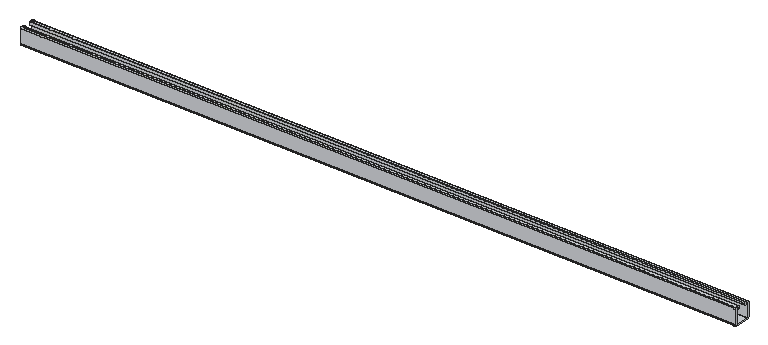
Revit family "Montageschiene 45- 45-1,5  2m fbv Langloch 2D", category HLS-Bauteile, Revit 2023
Family settings
  Bemaßung runder Anschluss = Durchmesser verwenden
  Teiletyp = Normal
  Arbeitsebenenbasiert = Ja
  Immer vertikal = Nein
  Beim Laden mit Abzugskörper schneiden = Nein
  Beschriftungsausrichtung beibehalten = Nein
  Gemeinsam genutzt = Ja
  Raumberechnungspunkt = Nein
Parameters (values of type "C-Profil 45- 45-1,5  L=2000 fbv")
  vpe = "10"
  Widerstandsmoment Wz = "3.71 cm³"
  Widerstandsmoment Wy = "2.71 cm³"
  Default Elevation = 1219.2 mm
  Trägheitsradius iz = "1.91 cm"
  Trägheitsradius iy = "1.64 cm"
  Torsionswiderstandsmoment Wt = " cm³"
  Stärke = 1.5 mm
  Streckgrenze = "250 N/mm²"
  Schwerpunktabstand ez = "2.25 cm"
  Schwerpunktabstand eu = "2.27 cm"
  Schwerpunktabstand eo = "2.23 cm"
  Schlitzbreite = "22 mm"
  Regelhalter [instance] = ""
  Profiltyp = "45/45"
  Profil = "C-Profil"
  Oberflaeche = "feuerbandverzinkt"
  Montagelänge [instance] = 2000 mm
  Mengeneinheit = "m"
  Materialname = "S250"
  Material = "Stahl"
  Länge = 2000 mm
  Lochdurchmesser = "14.00 mm"
  Langloch = "14.0 x 45.0 mm"
  Kurztext2 = "45 / 45 / 1,5 mm L= 2 m fbv"
  Kurztext1 = "Montageschiene C-Profil"
  Höhe = "45 mm"
  Gewicht pro Stück [instance] = (Gewicht * Montagelänge / (1000 mm * 1000 mm)) * 1000 mm  # 3.78 kg
  Gewicht pro Bauteil [instance] = Gewicht pro Stück  # 3.78 kg
  Gewicht = 1.89 kg
  Gesamtlänge [instance] = Montagelänge  # 2000 mm
  Gesamtgewicht [instance] = Gewicht pro Bauteil  # 3.78 kg
  Fläche (schwächster Profilquerschnitt) = 0.000229 m²
  Firma = "MEFA Befestigungs- und Montagesysteme GmbH"
  Fabrikat = "MEFA"
  Erweiterung Langloch = " mm"
  EAN = "4250928448033"
  Bund = "120 m"
  Breite = 45 mm
  Artikelnummer = "082045215"
  Anzahl Langloch [instance] = Montagelänge / 105 mm  # 19
  Abmessung = "45/45/1.5 mm"
Reference planes
  plane 1 "Mitte (Vorne/hinten)": y = 0
  plane 2: z = 0
  plane 3 "Mitte (Links/rechts)": x = 0
  plane 4: x = 2000
Forms (mm)
  Extrusion 1, solid, detail levels fine
    sketch origin (0, 0, 0) x (0, 1, 0) y (0, 0, 1)
      loop
        arc (19, 0) -> (20.768, 0.732) -> (21.5, 2.5) r 2.5
        line (21.5, 2.5) -> (21.5, 42)
        arc (21.5, 42) -> (20.621, 44.121) -> (18.5, 45) r 3
        line (18.5, 45) -> (12, 45)
        arc (12, 45) -> (11.293, 44.707) -> (11, 44) r 1
        line (11, 44) -> (11, 37.5) -> (12.5, 37.5) -> (12.5, 43.5) -> (18.5, 43.5)
        arc (18.5, 43.5) -> (19.561, 43.061) -> (20, 42) r 1.5
        line (20, 42) -> (20, 2.5)
        arc (20, 2.5) -> (19.707, 1.793) -> (19, 1.5) r 1
        line (19, 1.5) -> (-19, 1.5)
        arc (-19, 1.5) -> (-19.707, 1.793) -> (-20, 2.5) r 1
        line (-20, 2.5) -> (-20, 42)
        arc (-20, 42) -> (-19.561, 43.061) -> (-18.5, 43.5) r 1.5
        line (-18.5, 43.5) -> (-12.5, 43.5) -> (-12.5, 37.5) -> (-11, 37.5) -> (-11, 44)
        arc (-11, 44) -> (-11.293, 44.707) -> (-12, 45) r 1
        line (-12, 45) -> (-18.5, 45)
        arc (-18.5, 45) -> (-20.621, 44.121) -> (-21.5, 42) r 3
        line (-21.5, 42) -> (-21.5, 2.5)
        arc (-21.5, 2.5) -> (-20.768, 0.732) -> (-19, 0) r 2.5
        line (-19, 0) -> (19, 0)
    from 0 to 2000
  Extrusion 2, solid, detail levels medium
    sketch origin (0, 0, 0) x (0, 1, 0) y (0, 0, 1)
      loop
        line (21.5, 0) -> (21.5, 45) -> (11, 45) -> (11, 37.5) -> (12.5, 37.5) -> (12.5, 43.5) -> (20, 43.5) -> (20, 1.5) -> (-20, 1.5) -> (-20, 43.5) -> (-12.5, 43.5) -> (-12.5, 37.5) -> (-11, 37.5) -> (-11, 45) -> (-21.5, 45) -> (-21.5, 0) -> (21.5, 0)
    from 0 to 2000
  Extrusion 3, solid, detail levels coarse
    sketch origin (0, 0, 0) x (0, 1, 0) y (0, 0, 1)
      loop
        line (21.5, 0) -> (21.5, 45) -> (-21.5, 45) -> (-21.5, 0) -> (21.5, 0)
    from 0 to 2000
Dimensions and locks
  "Montagelänge": plane 4 to plane 3 "Mitte (Links/rechts)"
  equal spacing: group 1, group 2, group 3, group 4, group 5, group 6, group 7, group 8, group 9, group 10, group 11, group 12, group 13, group 14, group 15, group 16, group 17, group 18, group 19  (x3)
  aligned and locked: level to plane 2
  aligned and locked: plane 4 to Extrusion 1
  aligned and locked: Extrusion 1 to plane 4
  aligned and locked: plane 4 to Extrusion 2
  aligned and locked: plane 4 to Extrusion 3
  aligned and locked: Extrusion 1 to plane 3 "Mitte (Links/rechts)"
  aligned and locked: Extrusion 2 to plane 3 "Mitte (Links/rechts)"
  aligned and locked: Extrusion 3 to plane 3 "Mitte (Links/rechts)"
  aligned and locked: nested 1 to plane 1 "Mitte (Vorne/hinten)"
Automatic sketch dimensions
  Extrusion 1 sketch curve to Extrusion 1 sketch curve = 0 mm  (x9)
  Extrusion 1 sketch curve to level = 0 mm
  level to Extrusion 1 sketch curve = 2.5 mm
  plane 1 "Mitte (Vorne/hinten)" to Extrusion 1 sketch curve = 21.5 mm
  Extrusion 1 sketch curve to Extrusion 1 sketch curve = 1 mm  (x3)
  Extrusion 1 sketch curve to Extrusion 1 sketch curve = 1.5 mm  (x2)
  Extrusion 1 sketch curve to Extrusion 1 sketch curve = 6 mm  (x2)
  Extrusion 1 sketch curve to Extrusion 1 sketch curve = 0.5 mm  (x2)
  Extrusion 1 sketch curve to plane 1 "Mitte (Vorne/hinten)" = 11 mm
  Extrusion 1 sketch curve to plane 1 "Mitte (Vorne/hinten)" = 19 mm
  Extrusion 1 sketch curve to Extrusion 1 sketch curve = 35 mm
  Extrusion 1 sketch curve to Extrusion 1 sketch curve = 4.5 mm  (x2)
  plane 1 "Mitte (Vorne/hinten)" to Extrusion 2 sketch curve = 21.5 mm
  Extrusion 2 sketch curve to Extrusion 2 sketch curve = 1.5 mm  (x7)
  Extrusion 2 sketch curve to plane 1 "Mitte (Vorne/hinten)" = 11 mm
  Extrusion 2 sketch curve to Extrusion 2 sketch curve = 0 mm
  Extrusion 2 sketch curve to Extrusion 2 sketch curve = 6 mm  (x2)
  Extrusion 2 sketch curve to Extrusion 2 sketch curve = 7.5 mm  (x2)
  level to Extrusion 2 sketch curve = 0 mm
  Extrusion 2 sketch curve to Extrusion 2 sketch curve = 36 mm
  Extrusion 3 sketch curve to level = 0 mm
  plane 1 "Mitte (Vorne/hinten)" to Extrusion 3 sketch curve = 21.5 mm
  Extrusion 3 sketch curve to plane 1 "Mitte (Vorne/hinten)" = 21.5 mm
  Extrusion 3 sketch curve to Extrusion 3 sketch curve = 45 mm
Nested families
  nested 1: "Langloch 14 x 45 14 2D" at (33.998, 0, 0) x (1, 0, 0) z (0, 0, -1), type "Langloch 14 x 45 14 2D", detail levels fine
  nested 2: "Langloch 14 x 45 14 2D" at (138.998, 0, 0) x (1, 0, 0) z (0, 0, -1), type "Langloch 14 x 45 14 2D", detail levels fine
  nested 3: "Langloch 14 x 45 14 2D" at (243.998, 0, 0) x (1, 0, 0) z (0, 0, -1), type "Langloch 14 x 45 14 2D", detail levels fine
  nested 4: "Langloch 14 x 45 14 2D" at (348.998, 0, 0) x (1, 0, 0) z (0, 0, -1), type "Langloch 14 x 45 14 2D", detail levels fine
  nested 5: "Langloch 14 x 45 14 2D" at (453.998, 0, 0) x (1, 0, 0) z (0, 0, -1), type "Langloch 14 x 45 14 2D", detail levels fine
  nested 6: "Langloch 14 x 45 14 2D" at (558.998, 0, 0) x (1, 0, 0) z (0, 0, -1), type "Langloch 14 x 45 14 2D", detail levels fine
  nested 7: "Langloch 14 x 45 14 2D" at (663.998, 0, 0) x (1, 0, 0) z (0, 0, -1), type "Langloch 14 x 45 14 2D", detail levels fine
  nested 8: "Langloch 14 x 45 14 2D" at (768.998, 0, 0) x (1, 0, 0) z (0, 0, -1), type "Langloch 14 x 45 14 2D", detail levels fine
  nested 9: "Langloch 14 x 45 14 2D" at (873.998, 0, 0) x (1, 0, 0) z (0, 0, -1), type "Langloch 14 x 45 14 2D", detail levels fine
  nested 10: "Langloch 14 x 45 14 2D" at (978.998, 0, 0) x (1, 0, 0) z (0, 0, -1), type "Langloch 14 x 45 14 2D", detail levels fine
  nested 11: "Langloch 14 x 45 14 2D" at (1083.998, 0, 0) x (1, 0, 0) z (0, 0, -1), type "Langloch 14 x 45 14 2D", detail levels fine
  nested 12: "Langloch 14 x 45 14 2D" at (1188.998, 0, 0) x (1, 0, 0) z (0, 0, -1), type "Langloch 14 x 45 14 2D", detail levels fine
  nested 13: "Langloch 14 x 45 14 2D" at (1293.998, 0, 0) x (1, 0, 0) z (0, 0, -1), type "Langloch 14 x 45 14 2D", detail levels fine
  nested 14: "Langloch 14 x 45 14 2D" at (1398.998, 0, 0) x (1, 0, 0) z (0, 0, -1), type "Langloch 14 x 45 14 2D", detail levels fine
  nested 15: "Langloch 14 x 45 14 2D" at (1503.998, 0, 0) x (1, 0, 0) z (0, 0, -1), type "Langloch 14 x 45 14 2D", detail levels fine
  nested 16: "Langloch 14 x 45 14 2D" at (1608.998, 0, 0) x (1, 0, 0) z (0, 0, -1), type "Langloch 14 x 45 14 2D", detail levels fine
  nested 17: "Langloch 14 x 45 14 2D" at (1713.998, 0, 0) x (1, 0, 0) z (0, 0, -1), type "Langloch 14 x 45 14 2D", detail levels fine
  nested 18: "Langloch 14 x 45 14 2D" at (1818.998, 0, 0) x (1, 0, 0) z (0, 0, -1), type "Langloch 14 x 45 14 2D", detail levels fine
  nested 19: "Langloch 14 x 45 14 2D" at (1923.998, 0, 0) x (1, 0, 0) z (0, 0, -1), type "Langloch 14 x 45 14 2D", detail levels fine
Definition of nested family "Langloch 14 x 45 14 2D"
  Parameters (values of type "Langloch 14 x 45 14 2D")
    Default Elevation = 1219.2 mm
  Reference planes
    plane 1 "Mitte (Vorne/hinten)": y = 0
    plane 2: z = 0
    plane 3 "Mitte (Links/rechts)": x = 0
  Forms (mm)
    Extrusion 1, solid
      sketch origin (0, 0, 0) x (1, 0, 0) y (0, 1, 0)
        loop
          line (-1219.2, 1219.2) -> (-1219.2, -1219.2) -> (1219.2, -1219.2) -> (1219.2, 1219.2) -> (-1219.2, 1219.2)
      from 0 to -304.8
  Lines and regions (mm)
    model lines
      curve 1: line (-15.498, 7, 0) -> (15.502, 7, 0)
      curve 2: line (-15.498, -7, 0) -> (15.502, -7, 0)
      curve 3: arc (15.502, 7, 0) -> (22.502, 0, 0) -> (15.502, -7, 0) r 7
      curve 6: arc (-15.498, 7, 0) -> (-22.498, 0, 0) -> (-15.498, -7, 0) r 7
      curve 7: line (-15.692, 7.5, 0) -> (-15.692, -7.5, 0)
      curve 8: line (-24.531, 0, 0) -> (24.555, 0, 0)
      curve 9: line (15.692, 7.5, 0) -> (15.692, -7.5, 0)
      curve 10: circle (52.502, 0, 0) r 7 normal (0, 0, 1)
      curve 11: line (52.502, 7.5, 0) -> (52.502, -7.5, 0)
      curve 13: line (42.937, 0, 0) -> (62.034, 0, 0)
    model lines, detail levels fine
      curve 4: line (-15.692, 0, 10) -> (-15.692, 0, -10)
      curve 5: line (15.692, 0, 10) -> (15.692, 0, -10)
      curve 12: line (52.502, 0, 10) -> (52.502, 0, -10)
  Dimensions and locks
    aligned and locked: plane 2 to Extrusion 1
    aligned and locked: level to Extrusion 1
